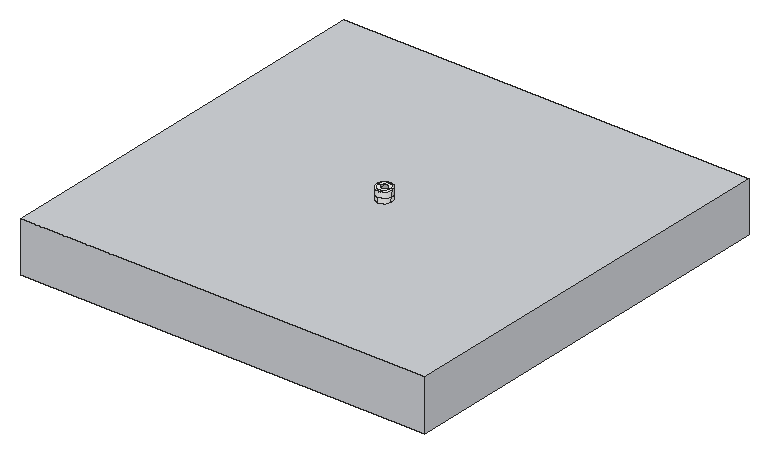
Revit family "Flash EN 54-23_Aguilera Electronica", category Dispositivos de alarma de incendios, Revit 2017
Family settings
  Anfitrión = Cara
  Mantener orientación de anotación = Sí
  Cota de conector redondo = Diámetro de uso
  Tipo de pieza = Normal
  Número OmniClass = 23.85.30.21.11.11.11
  Título OmniClass = Smoke Detectors
  Corte con vacíos al cargar = No
  Compartido = No
  Punto de cálculo de habitación = No
Parameters (values of type "Flash EN 54-23 para montaje en techo base alta")
  Símbolo = yes
  Suplemento para superficie = yes
  Símbolo texto modelo = yes
  Radio = Diámetro / 2  # 46.5 mm
  Carcasa = Carcasa ABS
  Altura 3 = 8 mm  # constant formula
  Altura 2 = 28 mm
  URL = "https://aguilera.es/?productos=flash-en-54-23-para-montaje-en-techo"
  Modelo = "AE/V-AFLXC1"
  Fabricante = "Aguilera Electrónica"  # constant formula
  Elevación por defecto = 1200 mm
  Diámetro = 93 mm  # constant formula
  Descripción = "Flash certificado EN 54-23 para montaje en techo.Con un diseño de lente único que distribuye la luz de forma cilíndrica para alcanzar la iluminación requerida por la norma EN 54-23. Tecnología de led que garantiza una intensidad luminosa 0.4 lux/m2 en toda el área. Diseñado para la instalación en una altura de hasta 3m y con un aspecto discreto. Este dispositivo es ideal para una variedad de usos, incluyendo dormitorios, cuartos de baño y aseos."
  Comentarios de tipo = "Flash certificado EN 54-23 para montaje en techo. Tipo C-3-7.5. Máxima altura de instalación 3m, longitud de cobertura 7.5 m. Tecnología led que garantiza una intensidad luminosa 0.4lux/m2 en todo el área. Frecuencia de flash seleccionable entre 1Hz y 0.5Hz Consumo máximo 25mA. Protección IP33 con base baja, IP65 con base alta."
  Altura 1 = 38 mm  # constant formula
Types (5, lengths in mm): name | Suplemento para superficie | Carcasa | Altura 2 | URL | Modelo | Descripción | Comentarios de tipo
  (no name) | yes | Carcasa ABS | 28 | "https://aguilera.es/?productos=flash-en-54-23-para-montaje-en-techo" | "AE/V-AFLXC1" | "Flash certificado EN 54-23 para montaje en techo.Con un diseño de lente único que distribuye la luz de forma cilíndrica para alcanzar la iluminación requerida por la norma EN 54-23. Tecnología de led que garantiza una intensidad luminosa 0.4 lux/m2 en toda el área. Diseñado para la instalación en una altura de hasta 3m y con un aspecto discreto. Este dispositivo es ideal para una variedad de usos, incluyendo dormitorios, cuartos de baño y aseos." | "Flash certificado EN 54-23 para montaje en techo. Tipo C-3-7.5. Máxima altura de instalación 3m, longitud de cobertura 7.5 m. Tecnología led que garantiza una intensidad luminosa 0.4lux/m2 en todo el área. Frecuencia de flash seleccionable entre 1Hz y 0.5Hz Consumo máximo 25mA. Protección IP33 con base baja, IP65 con base alta."
  Flash EN 54-23 para montaje en techo base baja | no | Carcasa ABS | 1 | "https://aguilera.es/?productos=flash-en-54-23-para-montaje-en-techo" | "AE/V-AFLXC" | "Flash certificado EN 54-23 para montaje en techo.Con un diseño de lente único que distribuye la luz de forma cilíndrica para alcanzar la iluminación requerida por la norma EN 54-23. Tecnología de led que garantiza una intensidad luminosa 0.4 lux/m2 en toda el área. Diseñado para la instalación en una altura de hasta 3m y con un aspecto discreto. Este dispositivo es ideal para una variedad de usos, incluyendo dormitorios, cuartos de baño y aseos." | "Flash certificado EN 54-23 para montaje en techo. Tipo C-3-7.5. Máxima altura de instalación 3m, longitud de cobertura 7.5 m. Tecnología led que garantiza una intensidad luminosa 0.4lux/m2 en todo el área. Frecuencia de flash seleccionable entre 1Hz y 0.5Hz Consumo máximo 25mA. Protección IP33 con base baja, IP65 con base alta."
  Flash EN 54-23 para montaje en techo base alta | yes | Carcasa ABS | 28 | "https://aguilera.es/?productos=flash-en-54-23-para-montaje-en-techo" | "AE/V-AFLXC1" | "Flash certificado EN 54-23 para montaje en techo.Con un diseño de lente único que distribuye la luz de forma cilíndrica para alcanzar la iluminación requerida por la norma EN 54-23. Tecnología de led que garantiza una intensidad luminosa 0.4 lux/m2 en toda el área. Diseñado para la instalación en una altura de hasta 3m y con un aspecto discreto. Este dispositivo es ideal para una variedad de usos, incluyendo dormitorios, cuartos de baño y aseos." | "Flash certificado EN 54-23 para montaje en techo. Tipo C-3-7.5. Máxima altura de instalación 3m, longitud de cobertura 7.5 m. Tecnología led que garantiza una intensidad luminosa 0.4lux/m2 en todo el área. Frecuencia de flash seleccionable entre 1Hz y 0.5Hz Consumo máximo 25mA. Protección IP33 con base baja, IP65 con base alta."
  Flash EN 54-23 para montaje en pared base alta | yes | Carcasa ABS rojo | 28 | "https://aguilera.es/?productos=flash-en-54-23-para-montaje-en-pared" | "AE/V-AFLXW1" | "Flash certificado EN 54-23 para montaje en pared.Tecnológia led que\r\ngarantiza intensidad luminosa." | "Flash certificado EN 54-23 para montaje en pared. Tipo W-2.4-7.5. Máxima altura de instalación 2.4m, longitud de cobertura 7.5 m. Tecnología led que garantiza una intensidad luminosa 0.4lux/m2 en todo el área. Frecuencia de flash seleccionable entre 1Hz y 0.5Hz Consumo máximo 25mA. Protección IP33 con base baja, IP65 con base alta."
  Flash EN 54-23 para montaje en pared base baja | yes | Carcasa ABS rojo | 1 | "https://aguilera.es/?productos=flash-en-54-23-para-montaje-en-pared" | "AE/V-AFLXW" | "Flash certificado EN 54-23 para montaje en pared.Tecnológia led que\r\ngarantiza intensidad luminosa." | "Flash certificado EN 54-23 para montaje en pared. Tipo W-2.4-7.5. Máxima altura de instalación 2.4m, longitud de cobertura 7.5 m. Tecnología led que garantiza una intensidad luminosa 0.4lux/m2 en todo el área. Frecuencia de flash seleccionable entre 1Hz y 0.5Hz Consumo máximo 25mA. Protección IP33 con base baja, IP65 con base alta."
Reference planes
  plane 1 "Centro (Frontal/Posterior)": y = 0
  plane 2: z = 0
  plane 3 "Centro (Izquierda/Derecha)": x = 0
  plane 4: z = 74
  plane 5: z = 66
  plane 6: z = 28
Forms (mm)
  Extrusion 1, solid
    sketch origin (0, 0, 0) x (1, 0, 0) y (0, 1, 0)
      loop
        line (-1219.2, 1219.2) -> (-1219.2, -1219.2) -> (1219.2, -1219.2) -> (1219.2, 1219.2) -> (-1219.2, 1219.2)
    from 0 to -304.8
  Revolve 2, solid, material "Carcasa ABS"
    sketch origin (0, 0, 0) x (0, 1, 0) y (0, 0, 1)
      loop
        line (-46.5, 28) -> (-46.5, 0) -> (0, 0) -> (0, 28) -> (-46.5, 28)
      axis (0, 28) -> (0, 0)
    angle from 0 to 360
  Extrusion 3, solid, material "Carcasa ABS" <- "Carcasa", visible <- "Suplemento para superficie", detail levels medium+fine
    sketch origin (0, 0, 28.069) x (0, 1, 0) y (0, 0, 1)
      loop
        circle (0, -13.675) r 10
    from 46.956 to 49.451
  Extrusion 4, solid, material "Carcasa ABS" <- "Carcasa", visible <- "Suplemento para superficie", detail levels medium+fine
    sketch origin (0, 0, 28.069) x (-1, 0, 0) y (0, 0, 1)
      loop
        circle (0, -13.675) r 10
    from 46.733 to 49.566
  Extrusion 5, solid, material "Carcasa ABS" <- "Carcasa", visible <- "Suplemento para superficie", detail levels medium+fine
    sketch origin (0, 0, 28.069) x (0, 1, 0) y (0, 0, -1)
      loop
        circle (0, 13.675) r 10
    from 47.25 to 49.524
  Revolve 6, solid, material "Carcasa ABS" <- "Carcasa", detail levels medium+fine
    sketch origin (0, 0, 0) x (1, 0, 0) y (0, 0, 1)
      loop
        arc (-41.248, 66) -> (-44.962, 64.462) -> (-46.5, 60.748) r 5.252
        line (-46.5, 60.748) -> (-46.5, 28) -> (-18.204, 28) -> (-18.204, 66) -> (-41.248, 66)
      axis (0, 28) -> (0, 66)
    angle from 0 to 360
  Revolve 7, solid, material "Cristal, cristalera transparente", detail levels fine
    sketch origin (0, 0, 0) x (0, 1, 0) y (0, 0, 1)
      loop
        line (0, 66) -> (0, 74)
        arc (0, 74) -> (-9.992, 72.026) -> (-18.204, 66) r 23.441
        line (-18.204, 66) -> (0, 66)
      axis (0, 74) -> (0, 66)
    angle from 0 to 360
Dimensions and locks
  "Altura 2": plane 6 to Extrusion 1
  "Altura 1": plane 5 to plane 6
  "Altura 3": plane 4 to plane 5
  "Radio": Revolve 2 sketch curve to Revolve 2 sketch curve
  "Radio": plane 3 "Centro (Izquierda/Derecha)" to Revolve 6 sketch curve
  aligned and locked: plane 2 to Extrusion 1
  aligned and locked: level to Extrusion 1
  aligned and locked: Extrusion 1 to Revolve 2 sketch curve
  aligned and locked: plane 1 "Centro (Frontal/Posterior)" to Revolve 2 sketch curve  (x2)
  aligned and locked: Revolve 2 sketch curve to plane 6
  aligned and locked: Revolve 6 sketch curve to plane 3 "Centro (Izquierda/Derecha)"
  aligned and locked: plane 6 to Revolve 6 sketch curve
  aligned and locked: Revolve 6 sketch curve to plane 5
  aligned and locked: plane 1 "Centro (Frontal/Posterior)" to Revolve 7 sketch curve
Automatic sketch dimensions
  Extrusion 1 sketch curve to Extrusion 1 sketch curve = 2438.4 mm  (x2)
  Extrusion 3 sketch curve to plane 1 "Centro (Frontal/Posterior)" = 0 mm
  level to Extrusion 3 sketch curve = 14.394 mm
  Extrusion 4 sketch curve to plane 3 "Centro (Izquierda/Derecha)" = 0 mm
  level to Extrusion 4 sketch curve = 14.394 mm
  Extrusion 5 sketch curve to plane 1 "Centro (Frontal/Posterior)" = 0 mm
  level to Extrusion 5 sketch curve = 14.394 mm
  Revolve 7 sketch curve to plane 5 = 0 mm
  Revolve 7 sketch curve to plane 1 "Centro (Frontal/Posterior)" = 0 mm
  Revolve 7 sketch curve to plane 4 = 0 mm
  plane 1 "Centro (Frontal/Posterior)" to Revolve 7 sketch curve = 0.561 mm
  plane 1 "Centro (Frontal/Posterior)" to Revolve 7 sketch curve = 18.204 mm
  Revolve 7 sketch curve to plane 5 = 5 mm
  Revolve 7 sketch curve to Revolve 7 sketch curve = 17 mm
  Revolve 2 sketch curve to level = 4.781 mm
  Revolve 2 sketch curve to Revolve 2 sketch curve = 7.426 mm
  Revolve 6 sketch curve to plane 5 = 5.252 mm
  Revolve 6 sketch curve to plane 3 "Centro (Izquierda/Derecha)" = 18.204 mm
  plane 6 to Revolve 6 sketch curve = 2.38 mm
  Revolve 6 sketch curve to Revolve 6 sketch curve = 9 mm
  radius of Extrusion 3 sketch curve = 10 mm
  radius of Extrusion 4 sketch curve = 10 mm
  radius of Extrusion 5 sketch curve = 10 mm
Nested families
  nested 1: "S_Flash_Aguilera Electronica" at (0, 2.084, 0), visible <- "Símbolo", type "S_Flash_Aguilera Electronica", detail levels coarse
Connectors
  cabletrayconduit at (49.451, 0, 14.394), diameter 20
    settings: on Extrusion 3, index 2, connector width 300 mm, connector height 300 mm, connector angle 0.00°, system type 32, placement type 0, profile type 0, connector reference index -1, is primary connector yes, connector utility param no, connector description ""
  cabletrayconduit at (0, 49.566, 14.394), diameter 20
    settings: on Extrusion 4, index 3, connector width 300 mm, connector height 300 mm, connector angle 0.00°, system type 32, placement type 0, profile type 0, connector reference index -1, is primary connector no, connector utility param no, connector description ""
  cabletrayconduit at (-49.524, 0, 14.394), diameter 20
    settings: on Extrusion 5, index 4, connector width 300 mm, connector height 300 mm, connector angle 0.00°, system type 32, placement type 0, profile type 0, connector reference index -1, is primary connector no, connector utility param no, connector description ""
  electrical at (0, 0, 0), driven by "Modelo"
    settings: on Revolve 2, index 5, voltage 0 V, apparent load 0 VA, apparent load phase1 0 VA, apparent load phase2 0 VA, apparent load phase3 0 VA, power factor 1, load classification "Otro", number of poles 1, system type 11, power factor state 1, is connector primary yes, connector utility no, sub classification motor no, connector description "AE/V-AFLXC1"
Definition of nested family "S_Flash_Aguilera Electronica"
  Parameters (values of type "S_Flash_Aguilera Electronica")
    Texto símbolo = "FLASH"
    Texto modelo = yes
    Modelo = "AE/V-ASFLXC"
  Reference planes
    plane 1: y = 0
    plane 2: x = 0
  Lines and regions (mm)
    detail lines
      curve 1: circle (0, 0, 0) r 4.34 normal (0, 0, 1)
      curve 2: circle (0, 0, 0) r 1.036 normal (0, 0, 1)
  Text (mm)
    label "Texto símbolo" at (0.158, 1.273, 0), shows "Texto símbolo"
    label "Modelo" at (0.158, -1.22, 0), shows "Modelo", visible <- "Texto modelo"
